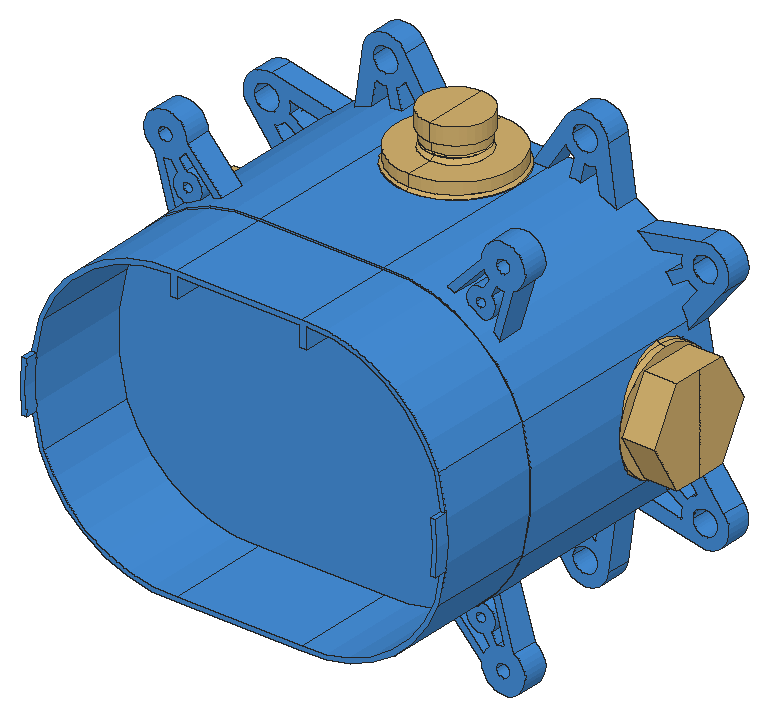
Revit family "Rough_In_Valve-GROHE-Grohflex-35026000", category Pipe Accessories, Revit 2014
Parameters (values of type "35026000")
  Width = 6 11/16"
  Waste Connection = no
  Warranty Information = "Limited Lifetime Warranty"
  WFU = 4
  Vent Connection = no
  URL = "https://www.grohe.us"
  Tempered Water Connection Diameter = 1/2"
  Product Page URL = "https://www.grohe.us/en_us/grohflex-universal-rough-in-box-35026000.html"
  Price = "Prices may vary. Please consult Manufacturer Representative for most up-to-date price list."  # constant formula
  Model = "35026000"
  Material = "Copper-Grohe-000-Brass"
  Manufacturer = "GROHE"
  Installation Type = "Wall Installation"
  IAPMO Compliance = "cUPC"
  Hot Water Connection Diameter = 1/2"
  Height = 5 3/4"
  HWFU = 3
  HW Connection = yes
  Description = "GrohFlex Universal Rough-In Box"
  Default Elevation = 0"
  Creation Date = "2017/05/19"  # constant formula
  Cold Water Connection Radius = 1/4"
  Cold Water Connection Diameter = Cold Water Connection Radius * 2  # 1/2"
  CWFU = 2
  CW Connection = yes
  Assembly Code = "D2020"
Reference planes (in)
  plane 1 "Center (Front/Back)": y = 0
  plane 2: z = 0
  plane 3 "Center (Left/Right)": x = 0
  plane 4: z = 1.59375
  plane 5: z = -1.84375
  plane 6: x = -3.34375
  plane 7: x = 3.34375
Forms (in)
  Revolve 1, solid, material "Copper-Grohe-000-Brass"
    sketch origin (0, 0, 0) x (0, 1, 0) y (0, 0, 1)
      loop
        line (0.44457, 2.71272) -> (0, 2.71272) -> (0, -2.23964) -> (0.79427, -2.23964) -> (0.79427, -2.08248) -> (0.83356, -2.04318) -> (0.83356, -1.94324) -> (0.38215, -1.94324) -> (0.38215, 2.00208) -> (0.83391, 2.00208) -> (0.83391, 2.04284) -> (0.79427, 2.08248) -> (0.79427, 2.23964) -> (0.42541, 2.23964) -> (0.35733, 2.28341) -> (0.40803, 2.31891) -> (0.36055, 2.34944) -> (0.40803, 2.34944) -> (0.40803, 2.48483) -> (0.44457, 2.48483) -> (0.44457, 2.71272)
      axis (0, 2.71272) -> (0, -2.23964)
    angle from 0 to 360
  Revolve 2, solid, material "Copper-Grohe-000-Brass"
    sketch origin (0, 0, 0) x (1, 0, 0) y (0, 0, 1)
      loop
        line (-3.33326, -0.78584) -> (-2.7858, -0.78584) -> (-2.75812, -0.81353) -> (2.75812, -0.81353) -> (2.7858, -0.78584) -> (3.33326, -0.78584) -> (3.33326, 0) -> (-3.33326, 0) -> (-3.33326, -0.78584)
      axis (3.33326, 0) -> (-3.33326, 0)
    angle from 0 to 360
  Extrusion 3, solid, material "Plastic-GROHE-Blue"
    sketch origin (0, 0, 0) x (1, 0, 0) y (0, 0, 1)
      loop
        arc (-0.85446, 2.04318) -> (-2.00071, 1.74587) -> (-2.746, 0.82564) r 1.89291
        arc (-2.746, 0.82564) -> (-2.86741, -0.00007) -> (-2.74595, -0.82577) r 2.86793
        arc (-2.74595, -0.82577) -> (-1.99985, -1.74466) -> (-0.85446, -2.04318) r 1.89906
        line (-0.85446, -2.04318) -> (0.85446, -2.04318)
        arc (0.85446, -2.04318) -> (1.99985, -1.74466) -> (2.74595, -0.82577) r 1.89906
        arc (2.74595, -0.82577) -> (2.86741, -0.00007) -> (2.746, 0.82564) r 2.86793
        arc (2.746, 0.82564) -> (2.00071, 1.74587) -> (0.85446, 2.04318) r 1.89291
        line (0.85446, 2.04318) -> (-0.85446, 2.04318)
    from -0.83981 to 2.29015
  Extrusion 4, solid, material "Plastic-GROHE-Blue"
    sketch origin (0, 0, 0) x (1, 0, 0) y (0, 0, 1)
      loop
        arc (-0.85496, 2.02756) -> (-1.99181, 1.73302) -> (-2.7312, 0.82061) r 1.87729
        arc (-2.7312, 0.82061) -> (-2.85179, -0.00006) -> (-2.73116, -0.82072) r 2.85231
        arc (-2.73116, -0.82072) -> (-1.99095, -1.7318) -> (-0.85495, -2.02756) r 1.88344
        line (-0.85495, -2.02756) -> (0.85495, -2.02756)
        arc (0.85495, -2.02756) -> (1.99095, -1.7318) -> (2.73116, -0.82072) r 1.88344
        arc (2.73116, -0.82072) -> (2.85179, -0.00006) -> (2.7312, 0.82061) r 2.85231
        arc (2.7312, 0.82061) -> (1.99181, 1.73302) -> (0.85496, 2.02756) r 1.87729
        line (0.85496, 2.02756) -> (-0.85496, 2.02756)
      loop
        arc (-0.93267, 1.96846) -> (-1.98789, 1.66081) -> (-2.67198, 0.8005) r 1.81479
        arc (-2.67198, 0.8005) -> (-2.78929, -0.00002) -> (-2.67196, -0.80053) r 2.78981
        arc (-2.67196, -0.80053) -> (-1.95536, -1.68038) -> (-0.85691, -1.96506) r 1.82094
        line (-0.85691, -1.96506) -> (0.85691, -1.96506)
        arc (0.85691, -1.96506) -> (1.95536, -1.68038) -> (2.67196, -0.80053) r 1.82094
        arc (2.67196, -0.80053) -> (2.78929, -0.00002) -> (2.67198, 0.8005) r 2.78981
        arc (2.67198, 0.8005) -> (1.98789, 1.66081) -> (0.93267, 1.96846) r 1.81479
        line (0.93267, 1.96846) -> (0.93267, 1.69338) -> (0.83496, 1.69338) -> (0.83496, 1.96506) -> (-0.83496, 1.96506) -> (-0.83496, 1.69338) -> (-0.93267, 1.69338) -> (-0.93267, 1.96846)
    from 2.18432 to 3.70466
  Extrusion 5, solid, material "Plastic-GROHE-Blue"
    sketch origin (0, 0, 0) x (1, 0, 0) y (0, 0, 1)
      loop
        line (-2.20444, 1.33936) -> (-1.44513, 1.86013) -> (-2.0129, 2.469)
        arc (-2.0129, 2.469) -> (-2.45749, 2.73658) -> (-2.45629, 2.21767) r 0.29784
        line (-2.45629, 2.21767) -> (-2.20444, 1.33936)
      loop
        circle (-2.31062, 2.47746) r 0.09167
      loop
        arc (-2.22166, 2.19322) -> (-2.2761, 2.18163) -> (-2.33176, 2.18037) r 0.29784
        line (-2.33176, 2.18037) -> (-2.12672, 1.46534) -> (-1.5754, 1.84346) -> (-2.04359, 2.34553)
        arc (-2.04359, 2.34553) -> (-2.07519, 2.29503) -> (-2.1162, 2.25183) r 0.29784
        line (-2.1162, 2.25183) -> (-2.04229, 2.12092)
        arc (-2.04229, 2.12092) -> (-1.91044, 1.75666) -> (-2.14974, 2.06131) r 0.19618
        line (-2.14974, 2.06131) -> (-2.22166, 2.19322)
      loop
        circle (-2.00562, 1.9282) r 0.06282
      loop
        line (2.20444, 1.33936) -> (2.45629, 2.21767)
        arc (2.45629, 2.21767) -> (2.45749, 2.73658) -> (2.0129, 2.469) r 0.29784
        line (2.0129, 2.469) -> (1.44513, 1.86013) -> (2.20444, 1.33936)
      loop
        circle (2.31062, 2.47746) r 0.09167
      loop
        line (2.22166, 2.19322) -> (2.14974, 2.06131)
        arc (2.14974, 2.06131) -> (1.91044, 1.75666) -> (2.04229, 2.12092) r 0.19618
        line (2.04229, 2.12092) -> (2.1162, 2.25183)
        arc (2.1162, 2.25183) -> (2.07519, 2.29503) -> (2.04359, 2.34553) r 0.29784
        line (2.04359, 2.34553) -> (1.5754, 1.84346) -> (2.12672, 1.46534) -> (2.33176, 2.18037)
        arc (2.33176, 2.18037) -> (2.2761, 2.18163) -> (2.22166, 2.19322) r 0.29784
      loop
        circle (2.00562, 1.9282) r 0.06282
      loop
        line (-2.20444, -1.33936) -> (-2.45629, -2.21767)
        arc (-2.45629, -2.21767) -> (-2.45749, -2.73658) -> (-2.0129, -2.469) r 0.29784
        line (-2.0129, -2.469) -> (-1.44513, -1.86013) -> (-2.20444, -1.33936)
      loop
        circle (-2.31062, -2.47746) r 0.09167
      loop
        line (-2.22166, -2.19322) -> (-2.14974, -2.06131)
        arc (-2.14974, -2.06131) -> (-1.91044, -1.75666) -> (-2.04229, -2.12092) r 0.19618
        line (-2.04229, -2.12092) -> (-2.1162, -2.25183)
        arc (-2.1162, -2.25183) -> (-2.07519, -2.29503) -> (-2.04359, -2.34553) r 0.29784
        line (-2.04359, -2.34553) -> (-1.5754, -1.84346) -> (-2.12672, -1.46534) -> (-2.33176, -2.18037)
        arc (-2.33176, -2.18037) -> (-2.2761, -2.18163) -> (-2.22166, -2.19322) r 0.29784
      loop
        circle (-2.00562, -1.9282) r 0.06282
      loop
        line (2.20444, -1.33936) -> (1.44513, -1.86013) -> (2.0129, -2.469)
        arc (2.0129, -2.469) -> (2.45749, -2.73658) -> (2.45629, -2.21767) r 0.29784
        line (2.45629, -2.21767) -> (2.20444, -1.33936)
      loop
        circle (2.31062, -2.47746) r 0.09167
      loop
        arc (2.22166, -2.19322) -> (2.2761, -2.18163) -> (2.33176, -2.18037) r 0.29784
        line (2.33176, -2.18037) -> (2.12672, -1.46534) -> (1.5754, -1.84346) -> (2.04359, -2.34553)
        arc (2.04359, -2.34553) -> (2.07519, -2.29503) -> (2.1162, -2.25183) r 0.29784
        line (2.1162, -2.25183) -> (2.04229, -2.12092)
        arc (2.04229, -2.12092) -> (1.91044, -1.75666) -> (2.14974, -2.06131) r 0.19618
        line (2.14974, -2.06131) -> (2.22166, -2.19322)
      loop
        circle (2.00562, -1.9282) r 0.06282
    from 1.72521 to 2.06929
  Extrusion 6, solid, material "Plastic-GROHE-Blue"
    sketch origin (0, 0, 0) x (1, 0, 0) y (0, 0, 1)
      loop
        line (-1.68632, 2.63206) -> (-1.84115, 1.53478) -> (-0.50116, 1.82452) -> (-1.09247, 2.75976)
        arc (-1.09247, 2.75976) -> (-1.43397, 2.90317) -> (-1.68632, 2.63206) r 0.32355
      loop
        circle (-1.36595, 2.58685) r 0.16916
      loop
        line (-1.5115, 2.29789) -> (-1.5967, 1.69407) -> (-1.25083, 1.76886) -> (-1.35776, 2.26341)
        arc (-1.35776, 2.26341) -> (-1.43676, 2.27115) -> (-1.5115, 2.29789) r 0.32355
      loop
        line (-1.22047, 2.29785) -> (-1.08815, 1.80403) -> (-0.76097, 1.87478) -> (-1.09724, 2.40664)
        arc (-1.09724, 2.40664) -> (-1.15183, 2.34429) -> (-1.22047, 2.29785) r 0.32355
      loop
        arc (1.68632, 2.63206) -> (1.43397, 2.90317) -> (1.09247, 2.75976) r 0.32355
        line (1.09247, 2.75976) -> (0.50116, 1.82452) -> (1.84115, 1.53478) -> (1.68632, 2.63206)
      loop
        circle (1.36595, 2.58685) r 0.16916
      loop
        arc (1.5115, 2.29789) -> (1.43676, 2.27115) -> (1.35776, 2.26341) r 0.32355
        line (1.35776, 2.26341) -> (1.25083, 1.76886) -> (1.5967, 1.69407) -> (1.5115, 2.29789)
      loop
        arc (1.22047, 2.29785) -> (1.15183, 2.34429) -> (1.09724, 2.40664) r 0.32355
        line (1.09724, 2.40664) -> (0.76097, 1.87478) -> (1.08815, 1.80403) -> (1.22047, 2.29785)
      loop
        arc (-1.68632, -2.63206) -> (-1.43397, -2.90317) -> (-1.09247, -2.75976) r 0.32355
        line (-1.09247, -2.75976) -> (-0.50116, -1.82452) -> (-1.84115, -1.53478) -> (-1.68632, -2.63206)
      loop
        circle (-1.36595, -2.58685) r 0.16916
      loop
        arc (-1.5115, -2.29789) -> (-1.43676, -2.27115) -> (-1.35776, -2.26341) r 0.32355
        line (-1.35776, -2.26341) -> (-1.25083, -1.76886) -> (-1.5967, -1.69407) -> (-1.5115, -2.29789)
      loop
        arc (-1.22047, -2.29785) -> (-1.15183, -2.34429) -> (-1.09724, -2.40664) r 0.32355
        line (-1.09724, -2.40664) -> (-0.76097, -1.87478) -> (-1.08815, -1.80403) -> (-1.22047, -2.29785)
      loop
        line (1.68632, -2.63206) -> (1.84115, -1.53478) -> (0.50116, -1.82452) -> (1.09247, -2.75976)
        arc (1.09247, -2.75976) -> (1.43397, -2.90317) -> (1.68632, -2.63206) r 0.32355
      loop
        circle (1.36595, -2.58685) r 0.16916
      loop
        line (1.5115, -2.29789) -> (1.5967, -1.69407) -> (1.25083, -1.76886) -> (1.35776, -2.26341)
        arc (1.35776, -2.26341) -> (1.43676, -2.27115) -> (1.5115, -2.29789) r 0.32355
      loop
        line (1.22047, -2.29785) -> (1.08815, -1.80403) -> (0.76097, -1.87478) -> (1.09724, -2.40664)
        arc (1.09724, -2.40664) -> (1.15183, -2.34429) -> (1.22047, -2.29785) r 0.32355
      loop
        line (-3.24758, 1.35559) -> (-2.56432, 0.48315) -> (-1.8439, 1.64955) -> (-2.9278, 1.87202)
        arc (-2.9278, 1.87202) -> (-3.26793, 1.72541) -> (-3.24758, 1.35559) r 0.32355
      loop
        circle (-2.99285, 1.55508) r 0.16916
      loop
        line (-2.88558, 1.24983) -> (-2.50959, 0.76973) -> (-2.32364, 1.07081) -> (-2.75412, 1.33669)
        arc (-2.75412, 1.33669) -> (-2.81448, 1.28514) -> (-2.88558, 1.24983) r 0.32355
      loop
        line (-2.68374, 1.4595) -> (-2.23618, 1.21241) -> (-2.06027, 1.49721) -> (-2.67667, 1.62372)
        arc (-2.67667, 1.62372) -> (-2.6696, 1.54115) -> (-2.68374, 1.4595) r 0.32355
      loop
        arc (-3.26321, -1.33996) -> (-3.28356, -1.70979) -> (-2.94343, -1.85639) r 0.32355
        line (-2.94343, -1.85639) -> (-1.85953, -1.63393) -> (-2.57995, -0.46752) -> (-3.26321, -1.33996)
      loop
        circle (-3.00848, -1.53945) r 0.16916
      loop
        arc (-2.90121, -1.23421) -> (-2.83011, -1.26951) -> (-2.76975, -1.32107) r 0.32355
        line (-2.76975, -1.32107) -> (-2.33926, -1.05518) -> (-2.52522, -0.75411) -> (-2.90121, -1.23421)
      loop
        arc (-2.69937, -1.44387) -> (-2.68523, -1.52553) -> (-2.6923, -1.6081) r 0.32355
        line (-2.6923, -1.6081) -> (-2.0759, -1.48158) -> (-2.2518, -1.19678) -> (-2.69937, -1.44387)
      loop
        arc (3.26321, 1.35559) -> (3.28356, 1.72541) -> (2.94343, 1.87202) r 0.32355
        line (2.94343, 1.87202) -> (1.85953, 1.64955) -> (2.57995, 0.48315) -> (3.26321, 1.35559)
      loop
        circle (3.00848, 1.55508) r 0.16916
      loop
        arc (2.90121, 1.24983) -> (2.83011, 1.28514) -> (2.76975, 1.33669) r 0.32355
        line (2.76975, 1.33669) -> (2.33926, 1.07081) -> (2.52522, 0.76973) -> (2.90121, 1.24983)
      loop
        arc (2.69937, 1.4595) -> (2.68523, 1.54115) -> (2.6923, 1.62372) r 0.32355
        line (2.6923, 1.62372) -> (2.0759, 1.49721) -> (2.2518, 1.21241) -> (2.69937, 1.4595)
      loop
        line (3.26321, -1.35559) -> (2.57995, -0.48315) -> (1.85953, -1.64955) -> (2.94343, -1.87202)
        arc (2.94343, -1.87202) -> (3.28356, -1.72541) -> (3.26321, -1.35559) r 0.32355
      loop
        circle (3.00848, -1.55508) r 0.16916
      loop
        line (2.90121, -1.24983) -> (2.52522, -0.76973) -> (2.33926, -1.07081) -> (2.76975, -1.33669)
        arc (2.76975, -1.33669) -> (2.83011, -1.28514) -> (2.90121, -1.24983) r 0.32355
      loop
        line (2.69937, -1.4595) -> (2.2518, -1.21241) -> (2.0759, -1.49721) -> (2.6923, -1.62372)
        arc (2.6923, -1.62372) -> (2.68523, -1.54115) -> (2.69937, -1.4595) r 0.32355
    from -0.83981 to -0.51477
  Extrusion 7, solid, material "Plastic-GROHE-Blue"
    sketch origin (0, 0, 0) x (1, 0, 0) y (0, 0, 1)
      loop
        arc (-2.76658, -0.3552) -> (-2.78929, 0) -> (-2.76659, 0.3552) r 2.78981
        line (-2.76659, 0.3552) -> (-2.82959, 0.3552)
        arc (-2.82959, 0.3552) -> (-2.85179, 0) -> (-2.82958, -0.3552) r 2.85231
        line (-2.82958, -0.3552) -> (-2.76658, -0.3552)
      loop
        line (2.76658, -0.3552) -> (2.82958, -0.3552)
        arc (2.82958, -0.3552) -> (2.85179, 0) -> (2.82959, 0.3552) r 2.85231
        line (2.82959, 0.3552) -> (2.76659, 0.3552)
        arc (2.76659, 0.3552) -> (2.78929, 0) -> (2.76658, -0.3552) r 2.78981
    from 3.70466 to 3.88099
  Extrusion 8, void
    sketch origin (0, 0, 0) x (0, 1, 0) y (0, 0, 1)
      loop
        circle (0, 0) r 0.87722
      loop
        line (-0.75939, 0) -> (-0.37969, -0.65765) -> (0.37969, -0.65765) -> (0.75939, 0) -> (0.37969, 0.65765) -> (-0.37969, 0.65765) -> (-0.75939, 0)
    from 2.87836 to 4.01671
  Extrusion 9, void
    sketch origin (0, 0, 0) x (0, 1, 0) y (0, 0, -1)
      loop
        circle (0, 0) r 0.87722
      loop
        line (-0.75939, 0) -> (-0.37969, -0.65765) -> (0.37969, -0.65765) -> (0.75939, 0) -> (0.37969, 0.65765) -> (-0.37969, 0.65765) -> (-0.75939, 0)
    from 2.87836 to 4.01671
Cuts and joins
  Extrusion 8 cuts Extrusion 3
  Extrusion 8 cuts Extrusion 5
  Extrusion 8 cuts Extrusion 6
  joined: Extrusion 3, Extrusion 4, Extrusion 5, Extrusion 6, Extrusion 7
  Extrusion 8 cuts Revolve 1
  Extrusion 8, Extrusion 9 cuts Revolve 2
  joined: Revolve 1, Revolve 2
Lines and regions (in)
  Masking region 1
    outline origin (0, 0, 0) x (1, 0, 0) y (0, 1, 0)
      loop
        line (-2.76659, -3.70466) -> (2.76659, -3.70466) -> (2.76659, -3.88099) -> (2.85179, -3.88099) -> (2.85179, -2.29015) -> (2.88973, -2.29015) -> (2.88973, -0.75939) -> (3.33326, -0.75939) -> (3.33326, 0.83981) -> (-3.33326, 0.83981) -> (-3.33326, -0.75939) -> (-2.88973, -0.75939) -> (-2.88973, -2.29015) -> (-2.85179, -2.29015) -> (-2.85179, -3.88099) -> (-2.76659, -3.88099) -> (-2.76659, -3.70466)
  symbolic lines, style "PlumbingFixtures", detail levels medium+fine
    curve 1: line (-2.85179, -2.29015, 0) -> (2.85179, -2.29015, 0)
    curve 2: line (-2.75272, -3.70466, 0) -> (-2.82959, -3.70466, 0)
    curve 3: line (-2.82959, -3.70466, 0) -> (-2.82959, -3.88099, 0)
    curve 4: line (2.76658, -3.70466, 0) -> (2.82958, -3.70466, 0)
    curve 5: line (2.82958, -3.70466, 0) -> (2.82958, -3.88099, 0)
    curve 6: circle (0, 0, 0) r 0.83356 normal (0, 0, 1)
    curve 7: line (-2.88973, 0.51477, 0) -> (-2.07341, 0.51477, 0)
    curve 8: line (-2.07341, 0.51477, 0) -> (-2.07341, 0.83981, 0)
    curve 9: line (-1.79539, 0.83981, 0) -> (-1.79539, 0.51877, 0)
    curve 10: line (-1.79539, 0.51877, 0) -> (-0.65246, 0.51877, 0)
    curve 11: line (-0.63942, 0.83981, 0) -> (-0.63942, 0.53476, 0)
    curve 12: line (0.63942, 0.83981, 0) -> (0.63942, 0.53476, 0)
    curve 13: line (1.79515, 0.83981, 0) -> (1.79515, 0.51477, 0)
    curve 14: line (1.79515, 0.51477, 0) -> (0.65562, 0.51477, 0)
    curve 15: line (2.07492, 0.83981, 0) -> (2.07492, 0.51477, 0)
    curve 16: line (2.07492, 0.51477, 0) -> (2.88973, 0.51477, 0)
    curve 17: line (2.88973, 0.74787, 0) -> (3.33326, 0.74787, 0)
    curve 18: line (2.88973, -0.75939, 0) -> (2.88973, 0.83981, 0)
    curve 19: line (-2.88973, 0.74787, 0) -> (-3.33326, 0.74787, 0)
    curve 20: line (-2.88973, -0.75939, 0) -> (-2.88973, 0.83981, 0)
  symbolic lines, style "PlumbingFixtures", detail levels fine
    curve 21: circle (0, 0, 0) r 0.35733 normal (0, 0, 1)
    curve 22: circle (0, 0, 0) r 0.44457 normal (0, 0, 1)
    curve 23: circle (0, 0, 0) r 0.79427 normal (0, 0, 1)
    curve 24: line (-2.60847, -1.72521, 0) -> (-1.5395, -1.72521, 0)
    curve 25: line (-2.60847, -2.06929, 0) -> (-2.60847, -1.72521, 0)
    curve 26: line (-1.5395, -2.06929, 0) -> (-2.60847, -2.06929, 0)
    curve 27: line (-1.5395, -1.72521, 0) -> (-1.5395, -2.06929, 0)
    curve 28: line (2.60847, -1.72521, 0) -> (1.5395, -1.72521, 0)
    curve 29: line (2.60847, -2.06929, 0) -> (2.60847, -1.72521, 0)
    curve 30: line (1.5395, -2.06929, 0) -> (2.60847, -2.06929, 0)
    curve 31: line (1.5395, -1.72521, 0) -> (1.5395, -2.06929, 0)
Dimensions and locks (in)
  equal spacing: plane 6, plane 3 "Center (Left/Right)", plane 7
  "Width": plane 6 to plane 7
Automatic sketch dimensions
  Revolve 1 sketch curve to plane 1 "Center (Front/Back)" = 0"  (x2)
  Revolve 1 sketch curve to plane 1 "Center (Front/Back)" = 0.35733"
  Revolve 1 sketch curve to Revolve 1 sketch curve = 0.00322"
  Revolve 1 sketch curve to Revolve 1 sketch curve = 0.04748"
  Revolve 1 sketch curve to Revolve 1 sketch curve = 0"
  Revolve 1 sketch curve to Revolve 1 sketch curve = 0.06808"
  Revolve 1 sketch curve to Revolve 1 sketch curve = 0.03655"
  Revolve 1 sketch curve to Revolve 1 sketch curve = 0.04326"
  Revolve 1 sketch curve to plane 5 = 0.23873"
  Revolve 1 sketch curve to Revolve 1 sketch curve = 0.41212"  (x2)
  Revolve 1 sketch curve to Revolve 1 sketch curve = 0.03929"  (x2)
  Revolve 1 sketch curve to Revolve 1 sketch curve = 0.03964"  (x2)
  Revolve 1 sketch curve to plane 5 = 0.39589"
  Revolve 1 sketch curve to plane 5 = 0.09949"
  plane 4 to Revolve 1 sketch curve = 0.40833"
  Revolve 1 sketch curve to Revolve 1 sketch curve = 0.04076"
  Revolve 1 sketch curve to Revolve 1 sketch curve = 0.23757"
  Revolve 1 sketch curve to Revolve 1 sketch curve = 0.04377"
  Revolve 1 sketch curve to Revolve 1 sketch curve = 0.0355"
  Revolve 1 sketch curve to Revolve 1 sketch curve = 0.03052"
  Revolve 1 sketch curve to Revolve 1 sketch curve = 0.13539"
  Revolve 1 sketch curve to Revolve 1 sketch curve = 0.22789"
  Revolve 1 sketch curve to Revolve 1 sketch curve = 0.68889"
  Revolve 1 sketch curve to Revolve 1 sketch curve = 0.31111"
  Revolve 2 sketch curve to level = 0"  (x2)
  plane 6 to Revolve 2 sketch curve = 0.01049"
  Revolve 2 sketch curve to Revolve 2 sketch curve = 0.54745"
  Revolve 2 sketch curve to Revolve 2 sketch curve = 0.02769"  (x3)
  plane 7 to Revolve 2 sketch curve = 0.58563"
  plane 7 to Revolve 2 sketch curve = 0.01049"
  Revolve 2 sketch curve to level = 0.78584"  (x2)
  Revolve 2 sketch curve to plane 6 = 0.22789"
  Revolve 2 sketch curve to Revolve 2 sketch curve = 0.39956"
  level to Extrusion 3 sketch curve = 0.15419"  (x2)
  Extrusion 3 sketch curve to plane 3 "Center (Left/Right)" = 0.97618"
  Extrusion 3 sketch curve to level = 0.14776"  (x2)
  Extrusion 3 sketch curve to Extrusion 3 sketch curve = 0.00414"  (x2)
  Extrusion 3 sketch curve to plane 5 = 0.19943"
  Extrusion 3 sketch curve to plane 3 "Center (Left/Right)" = 0.85446"  (x2)
  level to Extrusion 3 sketch curve = 0"  (x2)
  Extrusion 3 sketch curve to plane 3 "Center (Left/Right)" = 0.00052"
  plane 3 "Center (Left/Right)" to Extrusion 3 sketch curve = 0.00052"
  plane 3 "Center (Left/Right)" to Extrusion 3 sketch curve = 0.85446"  (x2)
  plane 3 "Center (Left/Right)" to Extrusion 3 sketch curve = 0.97205"
  Extrusion 3 sketch curve to Extrusion 3 sketch curve = 1.88899"
  plane 6 to Extrusion 3 sketch curve = 0.5978"
  plane 7 to Extrusion 3 sketch curve = 0.5978"
  Extrusion 4 sketch curve to Extrusion 4 sketch curve = 0"  (x12)
  level to Extrusion 4 sketch curve = 0.15419"  (x2)
  Extrusion 4 sketch curve to plane 3 "Center (Left/Right)" = 0.97618"
  Extrusion 4 sketch curve to level = 0.14776"  (x2)
  Extrusion 4 sketch curve to Extrusion 4 sketch curve = 0.00414"  (x2)
  plane 4 to Extrusion 4 sketch curve = 0.09963"  (x2)
  Extrusion 4 sketch curve to plane 3 "Center (Left/Right)" = 0.93267"
  Extrusion 4 sketch curve to plane 5 = 0.12131"
  Extrusion 4 sketch curve to plane 3 "Center (Left/Right)" = 0.85691"
  Extrusion 4 sketch curve to Extrusion 4 sketch curve = 0.07771"
  Extrusion 4 sketch curve to Extrusion 4 sketch curve = 0.00196"  (x2)
  Extrusion 4 sketch curve to Extrusion 4 sketch curve = 0.09772"  (x2)
  level to Extrusion 4 sketch curve = 0"  (x2)
  Extrusion 4 sketch curve to plane 3 "Center (Left/Right)" = 0.00052"
  plane 3 "Center (Left/Right)" to Extrusion 4 sketch curve = 0.00052"
  plane 3 "Center (Left/Right)" to Extrusion 4 sketch curve = 0.83496"
  Extrusion 4 sketch curve to plane 5 = 0.18381"
  plane 3 "Center (Left/Right)" to Extrusion 4 sketch curve = 0.85495"
  Extrusion 4 sketch curve to Extrusion 4 sketch curve = 0.02001"
  plane 3 "Center (Left/Right)" to Extrusion 4 sketch curve = 0.97205"
  Extrusion 4 sketch curve to Extrusion 4 sketch curve = 0.27168"
  Extrusion 4 sketch curve to Extrusion 4 sketch curve = 0.0034"  (x2)
  Extrusion 4 sketch curve to Extrusion 4 sketch curve = 1/16"
  plane 6 to Extrusion 4 sketch curve = 0.67179"
  Extrusion 4 sketch curve to Extrusion 4 sketch curve = 0.05919"  (x2)
  plane 7 to Extrusion 4 sketch curve = 0.67179"
  Extrusion 5 sketch curve to Extrusion 5 sketch curve = 0"  (x56)
  plane 6 to Extrusion 5 sketch curve = 0.88746"  (x2)
  Extrusion 5 sketch curve to plane 5 = 0.37392"  (x2)
  Extrusion 5 sketch curve to Extrusion 5 sketch curve = 0.12454"  (x3)
  Extrusion 5 sketch curve to plane 5 = 0.33662"  (x2)
  Extrusion 5 sketch curve to Extrusion 5 sketch curve = 0.02113"
  Extrusion 5 sketch curve to Extrusion 5 sketch curve = 0.14567"
  plane 4 to Extrusion 5 sketch curve = 0.59947"
  Extrusion 5 sketch curve to Extrusion 5 sketch curve = 0.1101"  (x3)
  Extrusion 5 sketch curve to plane 5 = 0.34947"  (x2)
  plane 5 to Extrusion 5 sketch curve = 0.50439"  (x2)
  Extrusion 5 sketch curve to Extrusion 5 sketch curve = 0.12732"  (x2)
  Extrusion 5 sketch curve to plane 4 = 0.25439"  (x2)
  Extrusion 5 sketch curve to plane 5 = 0.21756"  (x2)
  Extrusion 5 sketch curve to Extrusion 5 sketch curve = 0.07192"  (x2)
  plane 4 to Extrusion 5 sketch curve = 0.46756"  (x2)
  Extrusion 5 sketch curve to plane 4 = 0.12841"  (x2)
  Extrusion 5 sketch curve to Extrusion 5 sketch curve = 0.07772"  (x4)
  plane 5 to Extrusion 5 sketch curve = 0.37841"  (x2)
  plane 4 to Extrusion 5 sketch curve = 0.65808"  (x2)
  Extrusion 5 sketch curve to Extrusion 5 sketch curve = 27/256"  (x4)
  Extrusion 5 sketch curve to plane 5 = 0.40808"  (x2)
  Extrusion 5 sketch curve to plane 5 = 0.50178"  (x2)
  plane 4 to Extrusion 5 sketch curve = 0.75178"
  Extrusion 5 sketch curve to Extrusion 5 sketch curve = 0.07261"  (x3)
  Extrusion 5 sketch curve to plane 5 = 0.27717"  (x2)
  Extrusion 5 sketch curve to Extrusion 5 sketch curve = 0.10745"  (x3)
  plane 4 to Extrusion 5 sketch curve = 0.52717"  (x2)
  Extrusion 5 sketch curve to plane 5 = 0.62525"  (x2)
  Extrusion 5 sketch curve to Extrusion 5 sketch curve = 0.0307"  (x3)
  Extrusion 5 sketch curve to plane 5 = 0.08445"  (x2)
  Extrusion 5 sketch curve to Extrusion 5 sketch curve = 0.03667"  (x3)
  plane 4 to Extrusion 5 sketch curve = 0.24971"  (x2)
  Extrusion 5 sketch curve to Extrusion 5 sketch curve = 0.43022"  (x4)
  plane 5 to Extrusion 5 sketch curve = 0.00029"  (x2)
  Extrusion 5 sketch curve to plane 5 = 0.01638"  (x2)
  Extrusion 5 sketch curve to Extrusion 5 sketch curve = 0.13028"  (x4)
  plane 4 to Extrusion 5 sketch curve = 0.26638"  (x2)
  plane 3 "Center (Left/Right)" to Extrusion 5 sketch curve = 1.44513"  (x2)
  Extrusion 5 sketch curve to Extrusion 5 sketch curve = 0.00728"  (x2)
  Extrusion 5 sketch curve to Extrusion 5 sketch curve = 31/256"  (x2)
  Extrusion 5 sketch curve to Extrusion 5 sketch curve = 0.08897"
  Extrusion 5 sketch curve to Extrusion 5 sketch curve = 0.29772"
  plane 4 to Extrusion 5 sketch curve = 0.58662"
  Extrusion 5 sketch curve to Extrusion 5 sketch curve = 0.01285"
  Extrusion 5 sketch curve to Extrusion 5 sketch curve = 0.0373"  (x2)
  Extrusion 6 sketch curve to Extrusion 6 sketch curve = 0"  (x96)
  plane 6 to Extrusion 6 sketch curve = 0.08054"
  plane 6 to Extrusion 6 sketch curve = 0.09617"
  Extrusion 6 sketch curve to Extrusion 6 sketch curve = 0.25473"  (x2)
  Extrusion 6 sketch curve to plane 4 = 0.03867"
  Extrusion 6 sketch curve to plane 5 = 0.01264"
  Extrusion 6 sketch curve to Extrusion 6 sketch curve = 0.06505"  (x3)
  Extrusion 6 sketch curve to Extrusion 6 sketch curve = 0.10727"  (x2)
  Extrusion 6 sketch curve to Extrusion 6 sketch curve = 0.13146"  (x4)
  Extrusion 6 sketch curve to plane 4 = 0.25706"  (x2)
  plane 5 to Extrusion 6 sketch curve = 0.39988"
  Extrusion 6 sketch curve to Extrusion 6 sketch curve = 0.07038"  (x4)
  plane 5 to Extrusion 6 sketch curve = 0.23565"
  Extrusion 6 sketch curve to Extrusion 6 sketch curve = 0.00707"  (x3)
  Extrusion 6 sketch curve to plane 4 = 0.13425"  (x2)
  plane 4 to Extrusion 6 sketch curve = 0.02997"  (x2)
  plane 6 to Extrusion 6 sketch curve = 0.7638"
  plane 6 to Extrusion 6 sketch curve = 0.77943"
  Extrusion 6 sketch curve to Extrusion 6 sketch curve = 0.05473"  (x4)
  Extrusion 6 sketch curve to Extrusion 6 sketch curve = 0.18595"  (x4)
  Extrusion 6 sketch curve to plane 4 = 0.52294"
  Extrusion 6 sketch curve to Extrusion 6 sketch curve = 0.08746"  (x4)
  Extrusion 6 sketch curve to plane 4 = 0.38134"  (x2)
  plane 5 to Extrusion 6 sketch curve = 0.36217"
  Extrusion 6 sketch curve to Extrusion 6 sketch curve = 0.1759"  (x4)
  Extrusion 6 sketch curve to plane 4 = 0.09654"  (x2)
  plane 5 to Extrusion 6 sketch curve = 0.20982"
  Extrusion 6 sketch curve to Extrusion 6 sketch curve = 0.21637"  (x2)
  plane 4 to Extrusion 6 sketch curve = 0.0558"  (x2)
  plane 5 to Extrusion 6 sketch curve = 0.30897"  (x2)
  Extrusion 6 sketch curve to Extrusion 6 sketch curve = 0.01838"  (x3)
  Extrusion 6 sketch curve to plane 4 = 0.05897"  (x2)
  Extrusion 6 sketch curve to Extrusion 6 sketch curve = 0.00276"
  Extrusion 6 sketch curve to plane 5 = 0.78831"  (x2)
  Extrusion 6 sketch curve to Extrusion 6 sketch curve = 0.17321"
  Extrusion 6 sketch curve to Extrusion 6 sketch curve = 0.15758"
  plane 4 to Extrusion 6 sketch curve = 0.10032"  (x2)
  Extrusion 6 sketch curve to Extrusion 6 sketch curve = 0.2472"
  plane 5 to Extrusion 6 sketch curve = 0.14968"  (x2)
  Extrusion 6 sketch curve to Extrusion 6 sketch curve = 0.26283"
  plane 4 to Extrusion 6 sketch curve = 0.70414"  (x2)
  Extrusion 6 sketch curve to Extrusion 6 sketch curve = 0.17482"  (x2)
  Extrusion 6 sketch curve to plane 5 = 0.45414"  (x2)
  Extrusion 6 sketch curve to Extrusion 6 sketch curve = 0.32037"  (x4)
  Extrusion 6 sketch curve to Extrusion 6 sketch curve = 0.15374"  (x4)
  plane 5 to Extrusion 6 sketch curve = 0.07489"  (x2)
  Extrusion 6 sketch curve to Extrusion 6 sketch curve = 0.34588"  (x3)
  plane 4 to Extrusion 6 sketch curve = 0.17511"  (x2)
  Extrusion 6 sketch curve to plane 5 = 0.4541"  (x2)
  Extrusion 6 sketch curve to Extrusion 6 sketch curve = 0.13729"  (x4)
  Extrusion 6 sketch curve to plane 5 = 0.56289"
  Extrusion 6 sketch curve to Extrusion 6 sketch curve = 0.12323"  (x3)
  Extrusion 6 sketch curve to plane 5 = 0.91601"
  Extrusion 6 sketch curve to Extrusion 6 sketch curve = 0.27347"  (x2)
  plane 4 to Extrusion 6 sketch curve = 0.21028"  (x2)
  Extrusion 6 sketch curve to Extrusion 6 sketch curve = 0.16267"  (x4)
  plane 5 to Extrusion 6 sketch curve = 0.03972"  (x2)
  plane 4 to Extrusion 6 sketch curve = 0.28103"  (x2)
  Extrusion 6 sketch curve to Extrusion 6 sketch curve = 0.32718"  (x4)
  Extrusion 6 sketch curve to plane 5 = 0.03103"  (x2)
  plane 4 to Extrusion 6 sketch curve = 0.23077"  (x2)
  Extrusion 6 sketch curve to Extrusion 6 sketch curve = 0.2598"  (x4)
  plane 5 to Extrusion 6 sketch curve = 0.01923"  (x2)
  plane 3 "Center (Left/Right)" to Extrusion 6 sketch curve = 0.50116"  (x2)
  Extrusion 6 sketch curve to Extrusion 6 sketch curve = 0.33151"  (x2)
  Extrusion 6 sketch curve to Extrusion 6 sketch curve = 0.00476"  (x2)
  plane 4 to Extrusion 6 sketch curve = 0.7041"
  Extrusion 6 sketch curve to plane 5 = 0.41966"
  Extrusion 6 sketch curve to Extrusion 6 sketch curve = 0.00819"
  plane 4 to Extrusion 6 sketch curve = 1.03831"
  Extrusion 6 sketch curve to Extrusion 6 sketch curve = 0.24445"  (x2)
  plane 5 to Extrusion 6 sketch curve = 0.1942"
  Extrusion 6 sketch curve to Extrusion 6 sketch curve = 0.23475"  (x2)
  plane 5 to Extrusion 6 sketch curve = 0.34654"
  Extrusion 6 sketch curve to Extrusion 6 sketch curve = 0.44049"  (x2)
  plane 5 to Extrusion 6 sketch curve = 0.22003"
  plane 5 to Extrusion 6 sketch curve = 0.38425"
  Extrusion 6 sketch curve to plane 4 = 0.34392"
  Extrusion 6 sketch curve to plane 5 = 0.02827"
  Extrusion 6 sketch curve to Extrusion 6 sketch curve = 0.25113"
  plane 5 to Extrusion 6 sketch curve = 0.28867"
  plane 7 to Extrusion 6 sketch curve = 0.08054"  (x2)
  Extrusion 6 sketch curve to Extrusion 6 sketch curve = 0.12281"  (x2)
  Extrusion 6 sketch curve to Extrusion 6 sketch curve = 0.2848"  (x2)
  Extrusion 6 sketch curve to Extrusion 6 sketch curve = 0.1416"  (x2)
  Extrusion 6 sketch curve to Extrusion 6 sketch curve = 0.28659"  (x4)
  level to Extrusion 6 sketch curve = 0.48315"
  Extrusion 6 sketch curve to plane 4 = 0.23816"  (x2)
  Extrusion 6 sketch curve to Extrusion 6 sketch curve = 0.03445"
  Extrusion 6 sketch curve to Extrusion 6 sketch curve = 0.04521"
  Extrusion 7 sketch curve to Extrusion 7 sketch curve = 0"  (x6)
  plane 6 to Extrusion 7 sketch curve = 0.51416"
  Extrusion 7 sketch curve to level = 0.3552"
  Extrusion 7 sketch curve to Extrusion 7 sketch curve = 0.063"  (x2)
  level to Extrusion 7 sketch curve = 0"  (x2)
  Extrusion 7 sketch curve to plane 3 "Center (Left/Right)" = 0.00052"
  plane 3 "Center (Left/Right)" to Extrusion 7 sketch curve = 0.00052"
  plane 7 to Extrusion 7 sketch curve = 0.57717"
  level to Extrusion 7 sketch curve = 0.3552"
  Extrusion 8 sketch curve to level = 0"  (x3)
  Extrusion 8 sketch curve to plane 1 "Center (Front/Back)" = 0"
  plane 1 "Center (Front/Back)" to Extrusion 8 sketch curve = 0.37969"  (x2)
  Extrusion 8 sketch curve to Extrusion 8 sketch curve = 0.37969"  (x2)
  Extrusion 8 sketch curve to plane 1 "Center (Front/Back)" = 0.37969"  (x2)
  Extrusion 8 sketch curve to level = 0.65765"
  level to Extrusion 8 sketch curve = 0.65765"
  Extrusion 9 sketch curve to level = 0"  (x3)
  Extrusion 9 sketch curve to plane 1 "Center (Front/Back)" = 0"
  plane 1 "Center (Front/Back)" to Extrusion 9 sketch curve = 0.37969"  (x2)
  Extrusion 9 sketch curve to Extrusion 9 sketch curve = 0.37969"  (x2)
  Extrusion 9 sketch curve to plane 1 "Center (Front/Back)" = 0.37969"  (x2)
  level to Extrusion 9 sketch curve = 0.65765"
  Extrusion 9 sketch curve to level = 0.65765"
  plane 6 to Masking region 1 sketch curve = 0.01049"
  Masking region 1 sketch curve to Masking region 1 sketch curve = 0.44353"
  Masking region 1 sketch curve to Masking region 1 sketch curve = 0.03794"  (x2)
  Masking region 1 sketch curve to Masking region 1 sketch curve = 0.0852"  (x2)
  plane 7 to Masking region 1 sketch curve = 0.57716"
  plane 7 to Masking region 1 sketch curve = 0.01049"
  plane 1 "Center (Front/Back)" to Masking region 1 sketch curve = 3.88099"  (x2)
  Masking region 1 sketch curve to Masking region 1 sketch curve = 1.59084"  (x2)
  plane 1 "Center (Front/Back)" to Masking region 1 sketch curve = 0.75939"  (x2)
  Masking region 1 sketch curve to plane 1 "Center (Front/Back)" = 0.83981"
  Masking region 1 sketch curve to Masking region 1 sketch curve = 0.17632"
  curve 6 to curve 21 = 0"  (x2)
  curve 6 to curve 22 = 0"  (x2)
  curve 6 to curve 23 = 0"  (x2)
  curve 21 to curve 22 = 0"  (x2)
  curve 21 to curve 23 = 0"  (x2)
  curve 22 to curve 23 = 0"  (x2)
  plane 1 "Center (Front/Back)" to curve 23 = 0"
  curve 23 to plane 3 "Center (Left/Right)" = 0"
  curve 27 to plane 3 "Center (Left/Right)" = 1.5395"
  curve 10 to plane 1 "Center (Front/Back)" = 0.51877"
  plane 6 to curve 10 = 1.54836"
  curve 8 to curve 9 = 0.27802"
  plane 6 to curve 26 = 0.73528"
  plane 6 to curve 2 = 0.51416"
  plane 3 "Center (Left/Right)" to curve 28 = 1.5395"
  curve 13 to plane 1 "Center (Front/Back)" = 0.51477"
  plane 7 to curve 13 = 1.5486"
  curve 13 to curve 16 = 0.27977"
  plane 7 to curve 29 = 0.73528"
  plane 7 to curve 5 = 0.51417"
  plane 1 "Center (Front/Back)" to curve 28 = 1.72521"
  plane 1 "Center (Front/Back)" to curve 24 = 1.72521"
  curve 31 to curve 28 = 0.34408"
  curve 25 to curve 24 = 0.34408"
  curve 4 to curve 29 = 1.63537"
  curve 3 to curve 25 = 1.63537"
  curve 7 to curve 9 = 0.00399"
  curve 13 to curve 15 = 0"  (x2)
  curve 11 to plane 3 "Center (Left/Right)" = 0.63942"
  curve 10 to curve 11 = 0.01304"
  curve 2 to curve 2 = 0.07687"
  curve 1 to curve 25 = 0.24332"
  plane 6 to curve 20 = 0.45402"
  plane 6 to curve 19 = 0.01049"
  curve 12 to curve 14 = 0.0162"
  curve 4 to curve 4 = 0.063"
  curve 29 to curve 1 = 0.24332"
  plane 7 to curve 18 = 0.45402"
  plane 7 to curve 17 = 0.01049"
  plane 1 "Center (Front/Back)" to curve 18 = 0.75939"
  plane 1 "Center (Front/Back)" to curve 20 = 0.75939"
  curve 1 to curve 29 = 0.22086"
  curve 5 to curve 4 = 0.17632"
  curve 3 to curve 2 = 0.17632"
  curve 7 to curve 19 = 0.2331"
  curve 16 to curve 17 = 0.2331"
  curve 15 to curve 15 = 0.32504"
  curve 9 to curve 9 = 0.32104"
  curve 12 to curve 12 = 0.30505"
  curve 8 to curve 9 = 0"
  curve 17 to curve 18 = 0.09194"
  curve 11 to curve 11 = 0.30505"
  curve 19 to curve 20 = 0.09194"
  radius of Extrusion 5 sketch curve = 0.09167"  (x4)
  radius of Extrusion 5 sketch curve = 0.06282"  (x4)
  radius of Extrusion 6 sketch curve = 0.16916"  (x8)
  radius of Extrusion 8 sketch curve = 0.87722"
  radius of Extrusion 9 sketch curve = 0.87722"
  radius of curve 21 = 0.35733"
  radius of curve 22 = 0.44457"
  radius of curve 23 = 0.79427"
Connectors (in)
  piping at (0, 0, 2.71272), diameter 0.5, driven by "Tempered Water Connection Diameter"
    settings: on cut or joined group of Revolve 1, Revolve 2, Extrusion 8, Extrusion 9, index 1, connector inside diameter 24", connector length 0", flow factor 0, pipe flow 0 GPM, pressure drop 0.00 psi, fitting loss kfactor 0, connector angle 0.00°, fixture units 0, engagement length 0", angle of deflection 0.00°, flow configuration 0, flow direction 2, fitting loss method 0, system type 29, joint type 0, gender type 0, connector reference index 4, connector utility 0, adjustable connector no, is connector primary yes, connector description "1/2\" NPT Supply Outlet"
  piping at (-3.33326, -0.25313, 0), diameter 0.5, driven by "Hot Water Connection Diameter"
    settings: on cut or joined group of Revolve 1, Revolve 2, Extrusion 8, Extrusion 9, index 2, connector inside diameter 24", connector length 0", flow factor 0, pipe flow 0 GPM, pressure drop 0.00 psi, fitting loss kfactor 0, connector angle 0.00°, fixture units 0, engagement length 0", angle of deflection 0.00°, flow configuration 0, flow direction 1, fitting loss method 0, system type 19, joint type 0, gender type 0, connector reference index 3, connector utility 0, adjustable connector no, is connector primary no, connector description "1/2\" NPT HW Inlet"
  piping at (3.33326, -0.25313, 0), diameter 0.5, driven by "Cold Water Connection Diameter"
    settings: on cut or joined group of Revolve 1, Revolve 2, Extrusion 8, Extrusion 9, index 3, connector inside diameter 24", connector length 0", flow factor 0, pipe flow 0 GPM, pressure drop 0.00 psi, fitting loss kfactor 0, connector angle 0.00°, fixture units 0, engagement length 0", angle of deflection 0.00°, flow configuration 0, flow direction 1, fitting loss method 0, system type 20, joint type 0, gender type 0, connector reference index 2, connector utility 0, adjustable connector no, is connector primary no, connector description "1/2\" NPT CW Inlet"
  piping at (0, 0, -2.23964), diameter 0.5, driven by "Tempered Water Connection Diameter"
    settings: on cut or joined group of Revolve 1, Revolve 2, Extrusion 8, Extrusion 9, index 4, connector inside diameter 24", connector length 0", flow factor 0, pipe flow 0 GPM, pressure drop 0.00 psi, fitting loss kfactor 0, connector angle 0.00°, fixture units 0, engagement length 0", angle of deflection 0.00°, flow configuration 0, flow direction 2, fitting loss method 0, system type 29, joint type 0, gender type 0, connector reference index 1, connector utility 0, adjustable connector no, is connector primary no, connector description "1/2\" NPT Supply Outlet"
